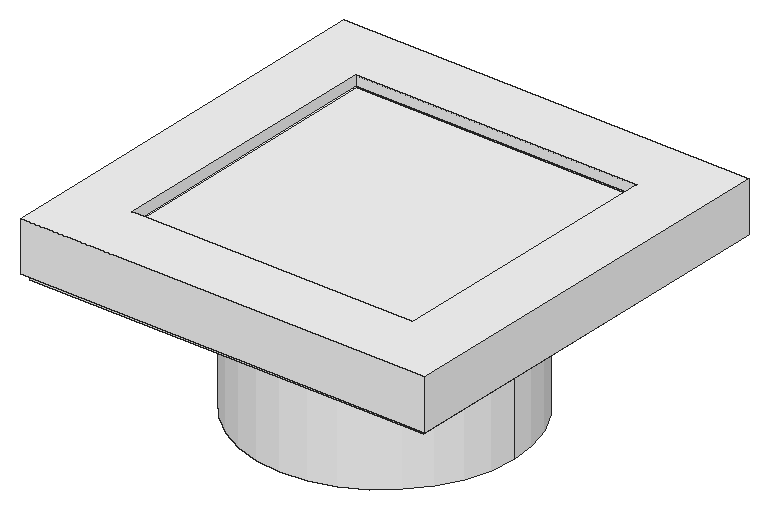
Revit family "Gira_283426", category Electrical Fixtures, host Face, Revit 2017
Family settings
  Host = Face
  Maintain Annotation Orientation = Yes
  Round Connector Dimension = Use Diameter
  Part Type = Normal
  Cut with Voids When Loaded = No
  Shared = No
  Room Calculation Point = No
Parameters (values of type "Rocker sw. BS 20 AX CB 2-p ctrl.l. System 55 c.alum.")
  With mounting plate = "No"
  Wiring system = "2-pole switch"
  White [instance] = White
  Washing machine switch = "No"
  URL = "http://katalog.gira.de/en/datenblatt.html?artikelnr=283426"
  Type of lighting = "Other"
  Type of fastening = "Screw mounting"
  Surface protection = "Other"
  Suitable for degree of protection (IP) = "IP20"
  Rated current = "20"
  Push button switch = "No"
  Number of rockers = "1"
  Number of modules (module system) = "1"
  Nominal voltage = "250"
  Name = "Rocker sw. BS 20 AX CB 2-p ctrl.l. System 55 c.alum."
  Mounting method = "Flush mounted (plaster)"
  Model = ""
  Method of operation = "Rocker/button"
  Material quality = "Thermoplastic"
  Material = "Plastic"
  Manufacturer URL = "https://www.gira.de/"
  Manufacturer = "Gira"
  Label space/information surface = "No"
  Illumination = "Yes"
  HeinzeBIM = "https://bimportal.heinze.de/bim/rocker-sw-bs-20-ax-cb-2-p-ctrl-l-system-55-c-alum-/22227dbb8b3e1f8dacee880ec052564a66c6b706"
  Halogen free = "Yes"
  HAN = "283426"
  GTIN = "4010337078838"
  Function lighting = "Illuminated (on)"
  Feedback-signal contact = "No"
  Description = "Rock.sw.BS20AX CB 2-p ctrl.l Sys55 CAl,British Standard rocker switch (BS EN 60669-1) 20 AX 250 V~ with rocker and control light ,System 55, Support ring 71 x 71 mm, circuit breaker 2-pole,colour aluminium,Features:,- With screw terminals.,,Notes :,- For screw mounting only."
  Default Elevation = 1219.2 mm
  Data sheet (1) = "https://katalog.gira.de/en/download.html?artikelnr=283426"
  Connection type = "Screwed terminal"
  Colour = "Aluminium"
  Category = "Switch"
  BIM (1) = "https://media.stage.bim.site/public/gira/36a6b08/Sys55_Komplettgerät_Schalten und Tasten.rfa?public/gira/36a6b08/Sys55_Komplettgerät_Schalten und Tasten.rfa"
  Available = "No"
  Assembly arrangement = "Basic element with central cover plate"
Reference planes
  plane 1 "Center (Front/Back)": y = 0
  plane 2: z = 0
  plane 3 "Center (Left/Right)": x = 0
Forms (mm)
  Extrusion 1, solid, material "White" <- "White", detail levels medium
    sketch origin (0, 0, 0) x (1, 0, 0) y (0, 1, 0)
      loop
        line (-40.4, 40.4) -> (-40.4, -40.4) -> (40.4, -40.4) -> (40.4, 40.4) -> (-40.4, 40.4)
      loop
        line (-28, 28) -> (-28, -28) -> (28, -28) -> (28, 28) -> (-28, 28)
    from 0 to 10
  Extrusion 2, solid, material "White" <- "White", detail levels fine
    sketch origin (0, 0, 0) x (1, 0, 0) y (0, 1, 0)
      loop
        line (-40.4, 40.4) -> (-40.4, -40.4) -> (40.4, -40.4) -> (40.4, 40.4) -> (-40.4, 40.4)
      loop
        line (-28, 28) -> (-28, -28) -> (28, -28) -> (28, 28) -> (-28, 28)
    from 0 to 10
  Extrusion 3, void
    sketch origin (0, 0, 0) x (1, 0, 0) y (0, 1, 0)
      loop
        line (-38.4, 38.4) -> (-38.4, -38.4) -> (38.4, -38.4) -> (38.4, 38.4) -> (-38.4, 38.4)
    from 0 to 8
  Extrusion 4, solid, material "White" <- "White", detail levels medium+fine
    sketch origin (0, 0, 0) x (1, 0, 0) y (0, 1, 0)
      loop
        line (-39.4, 39.4) -> (-39.4, -39.4) -> (39.4, -39.4) -> (39.4, 39.4) -> (-39.4, 39.4)
    from 0 to -1
  Extrusion 5, solid, material "White" <- "White", detail levels medium+fine
    sketch origin (0, 0, 0) x (1, 0, 0) y (0, 1, 0)
      loop
        line (-35.5, 35.5) -> (-35.5, -35.5) -> (35.5, -35.5) -> (35.5, 35.5) -> (-35.5, 35.5)
    from -2 to -3
  Extrusion 6, solid, material "White" <- "White", detail levels medium+fine
    sketch origin (0, 0, 0) x (1, 0, 0) y (0, 1, 0)
      loop
        circle (0, 0) r 26
    from 0 to -27.5
  Extrusion 7, solid, material "White" <- "White", detail levels coarse
    sketch origin (0, 0, 0) x (1, 0, 0) y (0, 1, 0)
      loop
        line (-40.4, 40.4) -> (-40.4, -40.4) -> (40.4, -40.4) -> (40.4, 40.4) -> (-40.4, 40.4)
    from -27.5 to 10
Cuts and joins
  Extrusion 3 cuts Extrusion 2
Dimensions and locks
  aligned and locked: plane 2 to host face
  aligned and locked: level to host face
  aligned and locked: plane 3 "Center (Left/Right)" to nested 2
  aligned and locked: plane 1 "Center (Front/Back)" to nested 2
Nested families
  nested 1: "Sys55_Abdeckung_Schalten und Tasten_floor_base" at (0, 0, 0), type "Sys55_Abdeckung_Schalten und Tasten_floor_base"
  nested 2: "Schalter" at (0, 0, 0), type "Schalter"
Connectors
  electrical at (0, 0, -27.5)
    settings: on Extrusion 6, index 1, voltage 220 V, apparent load 0 VA, apparent load phase1 0 VA, apparent load phase2 0 VA, apparent load phase3 0 VA, power factor 1, load classification "Other", number of poles 1, system type 30, power factor state 1, is connector primary yes, connector utility no, sub classification motor no, connector description ""
Definition of nested family "Sys55_Abdeckung_Schalten und Tasten_floor_base"
  Parameters
    Default Elevation = 1219.2 mm
    White [instance] = none
  Reference planes
    plane 1 "Center (Front/Back)": y = 0
    plane 2: z = 0
    plane 3 "Center (Left/Right)": x = 0
  Forms (mm)
    Extrusion 1, solid
      sketch origin (0, 0, 0) x (1, 0, 0) y (0, 1, 0)
        loop
          line (-1219.2, 1219.2) -> (-1219.2, -1219.2) -> (1219.2, -1219.2) -> (1219.2, 1219.2) -> (-1219.2, 1219.2)
      from 0 to -304.8
    Extrusion 2, solid, material <- "White", detail levels fine
      sketch origin (0, 0, 0) x (1, 0, 0) y (0, 1, 0)
        loop
          line (-27.5, 27.5) -> (-27.5, -27.5) -> (27.5, -27.5) -> (27.5, 27.5) -> (-27.5, 27.5)
      from 0 to 8
    Extrusion 3, void
      sketch origin (0, 0, 0) x (1, 0, 0) y (0, 1, 0)
        loop
          line (26, 26) -> (-26, 26) -> (-26, -26) -> (26, -26) -> (26, 26)
      from 0 to 6
    Extrusion 4, solid, material <- "White", detail levels medium
      sketch origin (0, 0, 0) x (1, 0, 0) y (0, 1, 0)
        loop
          line (-27.5, 27.5) -> (-27.5, -27.5) -> (27.5, -27.5) -> (27.5, 27.5) -> (-27.5, 27.5)
      from 0 to 8
    Extrusion 5, solid, material <- "White", detail levels medium
      sketch origin (0, 0, 0) x (1, 0, 0) y (0, 1, 0)
        loop
          line (11, -17.5) -> (11, 17.5) -> (-11, 17.5) -> (-11, -17.5) -> (11, -17.5)
      from -6 to 6
    Extrusion 6, solid, material <- "White", detail levels fine
      sketch origin (0, 0, 0) x (1, 0, 0) y (0, 1, 0)
        loop
          line (11, 17.5) -> (-11, 17.5) -> (-11, 16.5) -> (11, 16.5) -> (11, 17.5)
        loop
          line (-11, -16.5) -> (-11, -17.5) -> (11, -17.5) -> (11, -16.5) -> (-11, -16.5)
      from -4 to 6
    Extrusion 7, solid, material <- "White", detail levels fine
      sketch origin (0, 0, 0) x (1, 0, 0) y (0, 1, 0)
        loop
          arc (5, 9.347) -> (0, 10.6) -> (-5, 9.347) r 10.6
          line (-5, 9.347) -> (-5, -9.347)
          arc (-5, -9.347) -> (0, -10.6) -> (5, -9.347) r 10.6
          line (5, -9.347) -> (5, 9.347)
      from -6 to 6
    Extrusion 8, solid, material <- "White", detail levels coarse
      sketch origin (0, 0, 0) x (1, 0, 0) y (0, 1, 0)
        loop
          line (-27.5, 27.5) -> (-27.5, -27.5) -> (27.5, -27.5) -> (27.5, 27.5) -> (-27.5, 27.5)
      from -6 to 8
  Cuts and joins
    Extrusion 3 cuts Extrusion 2
  Dimensions and locks
    aligned and locked: plane 2 to Extrusion 1
    aligned and locked: level to Extrusion 1
Definition of nested family "Schalter"
  Reference planes
    plane 1: y = 0
    plane 2: x = 0
  Lines and regions (mm)
    detail lines
      curve 1: circle (1.375, 2.778, 0) r 0.8 normal (0, 0, 1)
      curve 2: line (1.021, 2.061, 0) -> (0, 0, 0)
      curve 3: line (0, 0, 0) -> (-0.538, 0.266, 0)
  Dimensions and locks
    curve 2 to curve 2 = 2.3 mm
    curve 3 to curve 2 = 0.6 mm
    radius of curve 1 = 0.8 mm
